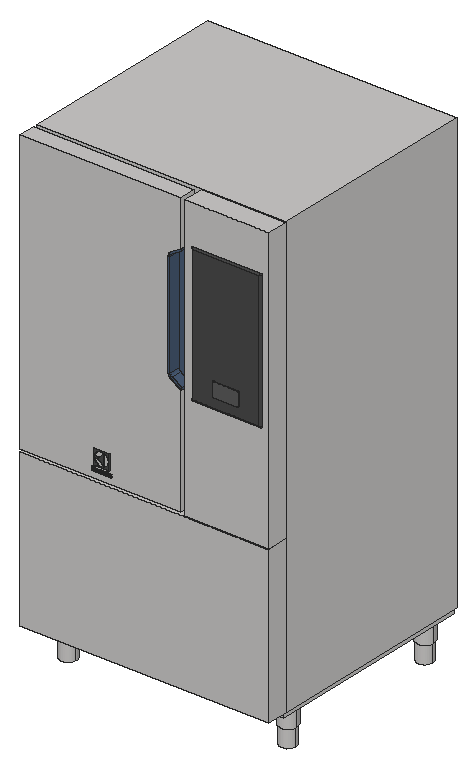
Revit family "QF_ELECTROLUXPROFESSIONAL_727735_EBFA11A", category Specialty Equipment, Revit 2018 (continued)
Definition of nested family "ELX_Logo_Symbol"
  Forms (mm)
    Extrusion 1, solid
      sketch origin (0, 0, 0) x (1, 0, 0) y (0, 1, 0)
        loop
          line (-1219.2, 1219.2) -> (-1219.2, -1219.2) -> (1219.2, -1219.2) -> (1219.2, 1219.2) -> (-1219.2, 1219.2)
      from 0 to -304.8
    Extrusion 2, solid, material <- "M"
      sketch origin (94.462, 558.781, 0) x (1, 0, 0) y (0, 1, 0)
        loop
          line (-101.645, -583.129) -> (-101.645, -534.543)
          arc (-101.645, -534.543) -> (-119.606, -558.836) -> (-101.645, -583.129) r 25.41
        loop
          arc (-99.174, -583.129) -> (-78.968, -578.537) -> (-69.233, -560.244) r 24.902
          line (-69.233, -560.244) -> (-77.271, -560.244)
          arc (-77.271, -560.244) -> (-91.631, -566.073) -> (-99.174, -579.611) r 23.341
          line (-99.174, -579.611) -> (-99.174, -583.129)
        loop
          arc (-99.174, -538.061) -> (-91.631, -551.599) -> (-77.271, -557.427) r 23.341
          line (-77.271, -557.427) -> (-69.233, -557.427)
          arc (-69.233, -557.427) -> (-78.952, -538.984) -> (-99.174, -533.918) r 25.553
          line (-99.174, -533.918) -> (-99.174, -538.061)
        loop
          line (-67.388, -585.781) -> (-67.388, -531.781) -> (-121.462, -531.781) -> (-121.462, -585.781) -> (-67.388, -585.781)
      from 0 to 1.644
  Dimensions and locks
    aligned and locked: plane 2 to Extrusion 1
    aligned and locked: level to Extrusion 1
